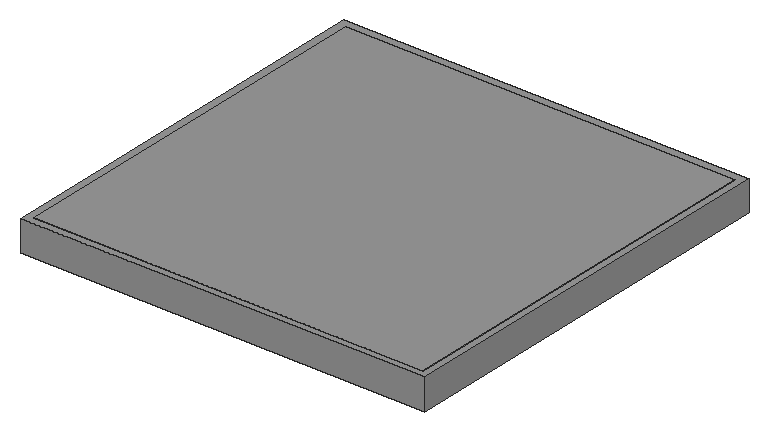
Revit family "ДВО-09 30 Вт Грильято DALI", category Осветительные приборы, Revit 2019 (continued)
Types (6, lengths in mm): name | Эффективность светильника | Файл фотометрической сетки | Тип рассеивателя | Световой поток модуля | built-in parameter 1150142 | Wattage | built-in parameter 1114217 | built-in parameter 1150134 | Lumens | built-in parameter 1150105 | Категория по ограничению яркости | built-in parameter 1150107 | built-in parameter 1150106 | Габаритная яркость | Артикул | URL
    7 259.7 255.1 251 246.4 242.5 237.7 233.7 229.2 225.1 220.4 216.4 211.8 207.8 203.1 199 194.6 190.6 185.9 181.9 177.4 173.4 168.7 164.7 160.2 156.3 151.6 147.8 143.3 139.5 134.9 131.1 126.7 123 118.6 114.9 110.8 107.2 103.1 99.8 96 92.8 89.1 86.2 82.9 80.1 76.9 74.4 71.6 69.1 66.4 64.2 61.8 59.7 57.5 55.6 53.6 51.8 49.9 48.3 46.6 45.1 43.5 42.1 40.6 39.3 38 36.9 35.6 34.5 33.3 32.3 31.1 30.1 28.8 27.8 26.5 25.3 24 22.8 21.4 20.1 18.7 17.4 15.9 14.6 13.1 11.7 10.3 8.9 7.5 6.4 5.2 4.4\r\n433.4 433.4 433.5 433.5 433.4 433.3 433.2 433.3 433.1 433 432.8 432.6 432.3 432.1 431.8 431.4 431.2 430.6 430.4 429.7 429.3 428.7 428.2 427.4 427 426.3 425.6 424.9 424.1 423.4 422.5 421.6 420.8 419.8 418.9 417.7 416.7 415.4 414.3 412.9 411.8 410.3 408.9 407.4 405.9 404.4 402.8 401 399.3 397.6 395.9 393.9 392.3 390.2 388.4 386.1 384.2 381.9 379.8 377.4 375.3 372.6 370.1 367.4 364.7 361.7 358.7 355.4 352.3 348.6 345.2 341.2 337.6 333.2 329.2 324.4 320.3 315.3 310.7 305.6 301 295.8 291 285.7 281.1 276 271.3 266.2 261.9 256.9 252.5 247.7 243.5 238.5 234.4 229.7 225.5 220.6 216.4 211.8 207.6 202.9 198.8 194.4 190.4 185.8 181.9 177.5 173.8 169.4 165.6 161.5 157.9 153.7 150.3 146.3 142.9 138.9 135.6 131.9 128.7 125 121.9 118.4 115.4 111.9 108.9 105.7 102.8 99.5 96.7 93.7 91 87.9 85.4 82.5 79.9 77 74.7 72 69.6 67.1 64.7 62.2 59.9 57.4 55.3 52.9 50.8 48.5 46.5 44.3 42.5 40.5 38.9 37.1 35.5 34 32.6 31.2 29.8 28.4 27.3 25.9 24.7 23.3 22.2 20.9 19.7 18.4 17.2 16 14.8 13.5 12.3 11.1 10 8.8 7.7 6.6 5.6\r\n433.6 433.6 433.6 433.6 433.6 433.6 433.4 433.4 433.2 433 432.8 432.5 432.2 431.8 431.5 431.1 430.8 430.2 429.9 429.3 428.9 428.1 427.5 426.7 426.1 425.3 424.6 423.7 422.9 422.1 421.3 420.4 419.4 418.4 417.4 416.1 415 413.7 412.5 411.1 409.8 408.4 407 405.3 403.8 402.1 400.5 398.5 396.8 394.9 393 390.8 388.8 386.5 384.3 381.8 379.6 377 374.6 371.7 369.1 366 363 359.6 356.3 352.6 349 344.7 340.9 336.3 332 327.1 322.7 317.6 312.8 307.5 303 297.8 293 287.9 283.4 278.4 274 269.1 264.9 260.3 256 251.3 247.3 242.8 238.6 234.2 230.2 225.5 221.6 217.1 213 208.3 204.4 199.8 195.8 191.2 187.3 183 179.1 174.7 170.9 166.7 163.1 158.9 155.3 151.4 147.9 143.9 140.6 136.8 133.5 129.6 126.3 122.6 119.3 115.5 112.3 108.7 105.6 101.9 98.9 95.5 92.6 89.3 86.5 83.6 80.9 77.9 75.5 72.8 70.4 67.7 65.6 63.2 61.1 58.9 56.9 54.7 52.8 50.7 48.9 46.7 44.9 43 41.3 39.5 38 36.5 35.2 33.8 32.6 31.3 30.3 29.1 28 26.7 25.7 24.4 23.2 21.9 20.7 19.3 18 16.6 15.4 14 12.7 11.3 10.1 8.8 7.7 6.5 5.7 4.9 4.2\r\n433.7 433.7 433.8 433.8 433.8 433.8 433.7 433.5 433.3 433 432.8 432.5 432.1 431.6 431.3 430.8 430.4 429.9 429.5 428.9 428.4 427.6 426.9 426 425.3 424.4 423.6 422.5 421.7 420.8 420 419.1 418.1 417 415.9 414.6 413.4 412 410.8 409.2 407.9 406.4 405 403.3 401.7 399.9 398.2 396.1 394.3 392.1 390.1 387.7 385.4 382.8 380.3 377.5 375 372.1 369.3 366 362.9 359.3 355.8 351.8 348 343.5 339.2 334.1 329.4 324 318.8 312.9 307.8 301.9 296.5 290.7 285.7 280.2 275.2 270.1 265.8 261.1 257 252.5 248.7 244.5 240.7 236.4 232.8 228.7 224.8 220.6 216.9 212.5 208.8 204.5 200.6 196.1 192.3 187.9 184.1 179.6 175.8 171.6 167.9 163.6 159.9 155.9 152.3 148.3 144.9 141.2 137.9 134.1 130.9 127.3 124 120.2 117 113.3 110 106.1 102.8 99.1 95.8 91.9 88.8 85.3 82.5 79.1 76.4 73.4 70.9 67.9 65.6 63 60.9 58.4 56.5 54.4 52.6 50.7 49 47.3 45.7 43.9 42.4 40.6 39.1 37.5 36.1 34.8 33.5 32.5 31.5 30.4 29.6 28.7 28 27 26.1 25 24.1 22.8 21.7 20.4 19.2 17.7 16.4 14.8 13.5 12 10.6 9.1 7.9 6.4 5.4 4.3 3.7 3.2 2.8\r\n433.6 433.6 433.6 433.6 433.7 433.6 433.6 433.4 433.3 433.1 432.8 432.5 432.2 431.8 431.5 431 430.6 430.1 429.7 429.2 428.6 427.9 427.2 426.4 425.8 424.9 424.1 423.2 422.3 421.5 420.7 419.7 418.8 417.7 416.7 415.4 414.3 413 411.8 410.3 409 407.5 406.1 404.4 402.9 401.1 399.5 397.5 395.8 393.8 391.8 389.6 387.5 385.1 382.8 380.3 377.9 375.2 372.4 369.3 366.4 363 359.6 355.7 352.2 347.9 343.8 339 334.7 329.8 325 319.7 315.2 309.9 305.1 300 295.6 290.7 286.3 281.6 277.7 273.2 269.3 265.1 261.4 257.3 253.5 249.3 245.8 241.7 237.8 233.7 230 225.5 221.7 217.4 213.5 208.9 205.1 200.6 196.7 192 188.2 183.8 180 175.5 171.8 167.5 163.9 159.6 156 151.9 148.2 143.9 140.3 136.1 132.3 127.8 124 119.6 115.7 111.2 107.3 103.1 99.3 95 91.5 87.5 84.2 80.4 77.3 73.9 71.1 67.8 65.2 62.3 59.9 57.2 55 52.7 50.7 48.6 46.9 45 43.4 41.7 40.4 38.9 37.5 36.3 35.2 34.2 33.2 32.3 31.6 30.8 30.1 29.4 28.8 27.9 27.2 26.3 25.4 24.4 23.5 22.4 21.3 20.1 18.9 17.4 16.1 14.5 12.9 11.2 9.8 8.2 7 5.6 4.7 3.8 3.1\r\n433.4 433.5 433.5 433.5 433.6 433.5 433.4 433.3 433.2 433.1 432.8 432.6 432.3 432 431.6 431.3 430.9 430.4 429.9 429.5 428.8 428.3 427.6 426.9 426.3 425.4 424.7 423.9 423 422.2 421.3 420.3 419.5 418.4 417.5 416.2 415.2 413.9 412.8 411.4 410.1 408.6 407.2 405.5 404.1 402.4 400.8 399 397.2 395.4 393.6 391.5 389.7 387.4 385.4 383 380.8 378.2 375.6 372.7 369.9 366.6 363.5 359.6 356.3 352.2 348.3 344 340 335.5 331.3 326.5 322.5 317.8 313.7 309.4 305.6 301.3 297.4 293.2 289.5 285.4 281.7 277.7 274.1 270.1 266.4 262.3 258.8 254.7 250.9 246.7 243 238.5 234.7 230.3 226.5 221.8 217.8 213.3 209.3 204.5 200.6 196.1 192.2 187.5 183.7 179.2 175.4 170.9 167.1 162.6 158.6 153.8 149.7 144.9 140.6 135.3 130.9 125.8 121.5 116.3 111.9 107 102.9 98 94.1 89.7 85.9 81.7 78.2 74.4 71.2 67.6 64.7 61.6 58.9 56 53.6 51 48.9 46.5 44.7 42.8 41.1 39.5 38.4 37.1 36 35.1 34.3 33.6 32.9 32.2 31.8 31.1 30.6 30 29.5 28.8 28.2 27.5 26.7 26 25.2 24.3 23.5 22.6 21.4 20 18.6 16.9 15.2 13.4 11.8 10 8.6 6.9 5.6 4.3 3.3\r\n433.4 433.6 433.6 433.6 433.6 433.6 433.5 433.5 433.4 433.2 432.9 432.7 432.4 432 431.7 431.2 430.8 430.3 429.8 429.3 428.7 428.2 427.7 427 426.4 425.6 424.9 424.1 423.2 422.4 421.6 420.5 419.7 418.6 417.8 416.6 415.5 414.3 413.2 411.8 410.6 409.1 407.7 406.1 404.7 403 401.4 399.5 397.8 395.9 394 391.9 390 387.7 385.6 383.1 380.7 378.1 375.3 372.3 369.4 366 362.6 358.7 355.3 351 347.1 342.7 338.7 334.1 330 325.3 321.4 316.8 312.7 308.4 304.7 300.5 296.6 292.5 288.9 284.8 281 277.1 273.5 269.5 265.8 261.7 258.2 254 250.2 245.9 242.2 237.7 233.9 229.5 225.6 221 217.1 212.6 208.6 203.9 199.9 195.5 191.5 186.7 182.8 178.2 174.2 169.4 165.4 160.8 156.6 151.7 147.5 142.6 138.3 133.1 128.8 123.7 119.4 114.2 109.9 105.1 101 96.2 92.3 88 84.4 80.2 76.9 73.3 70.2 66.8 64.1 61.1 58.6 55.9 53.7 51.3 49.3 47.3 45.6 43.8 42.4 40.9 39.8 38.7 37.7 36.8 36 35.2 34.6 33.8 33.3 32.6 32 31.3 30.7 29.9 29.2 28.4 27.5 26.6 25.6 24.5 23.5 22.3 21 19.5 18.1 16.4 14.7 13 11.4 9.7 8.2 6.6 5.3 4.1 3.3\r\n433.4 433.6 433.7 433.8 433.7 433.8 433.6 433.6 433.5 433.2 433 432.7 432.5 432 431.8 431.1 430.7 430.2 429.7 429.2 428.7 428.2 427.7 427.1 426.5 425.8 425.1 424.3 423.5 422.5 421.8 420.7 419.9 418.8 418 416.9 415.9 414.7 413.6 412.2 411 409.6 408.2 406.7 405.2 403.6 402 400 398.4 396.4 394.5 392.3 390.4 387.9 385.7 383.2 380.7 377.9 375.1 371.9 368.8 365.3 361.8 357.8 354.2 349.9 345.9 341.4 337.4 332.8 328.7 324.1 320.2 315.8 311.8 307.5 303.8 299.7 295.8 291.8 288.2 284.1 280.4 276.5 272.9 268.8 265.1 261.1 257.5 253.3 249.5 245.2 241.4 236.9 233.1 228.7 224.8 220.1 216.3 211.8 207.9 203.3 199.3 194.8 190.8 186 181.9 177.2 173.1 168 163.8 158.9 154.7 149.6 145.3 140.3 136 130.9 126.6 121.6 117.3 112.2 107.9 103.1 99.1 94.3 90.6 86.4 82.8 78.8 75.7 72.1 69.2 66 63.4 60.6 58.3 55.8 53.8 51.6 49.8 48 46.5 44.9 43.6 42.3 41.3 40.2 39.3 38.4 37.7 36.9 36.2 35.4 34.8 34.1 33.4 32.6 31.9 31.1 30.3 29.2 28.3 27.2 26 24.7 23.4 22 20.5 19 17.5 15.8 14.3 12.6 11.1 9.4 7.8 6.2 5 3.9 3.2\r\n433.4 433.5 433.6 433.6 433.6 433.6 433.4 433.4 433.3 433.1 432.9 432.7 432.4 432 431.8 431.3 431 430.4 430 429.5 429 428.4 428 427.3 426.7 426 425.3 424.6 423.8 423 422.2 421.2 420.4 419.3 418.4 417.3 416.3 415 413.9 412.5 411.4 410 408.6 407 405.6 404 402.4 400.5 398.9 397 395.2 393.1 391.3 389 387.1 384.6 382.5 379.9 377.5 374.6 372 368.9 366 362.6 359.4 355.8 352.3 348.4 344.9 340.7 336.9 332.7 328.9 324.5 320.5 315.9 312.1 307.5 303.3 298.7 294.6 290 285.7 281.1 277 272.4 268.2 263.7 259.7 255.1 251 246.4 242.5 237.7 233.7 229.2 225.1 220.4 216.4 211.8 207.8 203.1 199 194.6 190.6 185.9 181.9 177.4 173.4 168.7 164.7 160.2 156.3 151.6 147.8 143.3 139.5 134.9 131.1 126.7 123 118.6 114.9 110.8 107.2 103.1 99.8 96 92.8 89.1 86.2 82.9 80.1 76.9 74.4 71.6 69.1 66.4 64.2 61.8 59.7 57.5 55.6 53.6 51.8 49.9 48.3 46.6 45.1 43.5 42.1 40.6 39.3 38 36.9 35.6 34.5 33.3 32.3 31.1 30.1 28.8 27.8 26.5 25.3 24 22.8 21.4 20.1 18.7 17.4 15.9 14.6 13.1 11.7 10.3 8.9 7.5 6.4 5.2 4.4\r\n433.4 433.4 433.5 433.5 433.4 433.3 433.2 433.3 433.1 433 432.8 432.6 432.3 432.1 431.8 431.4 431.2 430.6 430.4 429.7 429.3 428.7 428.2 427.4 427 426.3 425.6 424.9 424.1 423.4 422.5 421.6 420.8 419.8 418.9 417.7 416.7 415.4 414.3 412.9 411.8 410.3 408.9 407.4 405.9 404.4 402.8 401 399.3 397.6 395.9 393.9 392.3 390.2 388.4 386.1 384.2 381.9 379.8 377.4 375.3 372.6 370.1 367.4 364.7 361.7 358.7 355.4 352.3 348.6 345.2 341.2 337.6 333.2 329.2 324.4 320.3 315.3 310.7 305.6 301 295.8 291 285.7 281.1 276 271.3 266.2 261.9 256.9 252.5 247.7 243.5 238.5 234.4 229.7 225.5 220.6 216.4 211.8 207.6 202.9 198.8 194.4 190.4 185.8 181.9 177.5 173.8 169.4 165.6 161.5 157.9 153.7 150.3 146.3 142.9 138.9 135.6 131.9 128.7 125 121.9 118.4 115.4 111.9 108.9 105.7 102.8 99.5 96.7 93.7 91 87.9 85.4 82.5 79.9 77 74.7 72 69.6 67.1 64.7 62.2 59.9 57.4 55.3 52.9 50.8 48.5 46.5 44.3 42.5 40.5 38.9 37.1 35.5 34 32.6 31.2 29.8 28.4 27.3 25.9 24.7 23.3 22.2 20.9 19.7 18.4 17.2 16 14.8 13.5 12.3 11.1 10 8.8 7.7 6.6 5.6\r\n433.6 433.6 433.6 433.6 433.6 433.6 433.4 433.4 433.2 433 432.8 432.5 432.2 431.8 431.5 431.1 430.8 430.2 429.9 429.3 428.9 428.1 427.5 426.7 426.1 425.3 424.6 423.7 422.9 422.1 421.3 420.4 419.4 418.4 417.4 416.1 415 413.7 412.5 411.1 409.8 408.4 407 405.3 403.8 402.1 400.5 398.5 396.8 394.9 393 390.8 388.8 386.5 384.3 381.8 379.6 377 374.6 371.7 369.1 366 363 359.6 356.3 352.6 349 344.7 340.9 336.3 332 327.1 322.7 317.6 312.8 307.5 303 297.8 293 287.9 283.4 278.4 274 269.1 264.9 260.3 256 251.3 247.3 242.8 238.6 234.2 230.2 225.5 221.6 217.1 213 208.3 204.4 199.8 195.8 191.2 187.3 183 179.1 174.7 170.9 166.7 163.1 158.9 155.3 151.4 147.9 143.9 140.6 136.8 133.5 129.6 126.3 122.6 119.3 115.5 112.3 108.7 105.6 101.9 98.9 95.5 92.6 89.3 86.5 83.6 80.9 77.9 75.5 72.8 70.4 67.7 65.6 63.2 61.1 58.9 56.9 54.7 52.8 50.7 48.9 46.7 44.9 43 41.3 39.5 38 36.5 35.2 33.8 32.6 31.3 30.3 29.1 28 26.7 25.7 24.4 23.2 21.9 20.7 19.3 18 16.6 15.4 14 12.7 11.3 10.1 8.8 7.7 6.5 5.7 4.9 4.2\r\n433.7 433.7 433.8 433.8 433.8 433.8 433.7 433.5 433.3 433 432.8 432.5 432.1 431.6 431.3 430.8 430.4 429.9 429.5 428.9 428.4 427.6 426.9 426 425.3 424.4 423.6 422.5 421.7 420.8 420 419.1 418.1 417 415.9 414.6 413.4 412 410.8 409.2 407.9 406.4 405 403.3 401.7 399.9 398.2 396.1 394.3 392.1 390.1 387.7 385.4 382.8 380.3 377.5 375 372.1 369.3 366 362.9 359.3 355.8 351.8 348 343.5 339.2 334.1 329.4 324 318.8 312.9 307.8 301.9 296.5 290.7 285.7 280.2 275.2 270.1 265.8 261.1 257 252.5 248.7 244.5 240.7 236.4 232.8 228.7 224.8 220.6 216.9 212.5 208.8 204.5 200.6 196.1 192.3 187.9 184.1 179.6 175.8 171.6 167.9 163.6 159.9 155.9 152.3 148.3 144.9 141.2 137.9 134.1 130.9 127.3 124 120.2 117 113.3 110 106.1 102.8 99.1 95.8 91.9 88.8 85.3 82.5 79.1 76.4 73.4 70.9 67.9 65.6 63 60.9 58.4 56.5 54.4 52.6 50.7 49 47.3 45.7 43.9 42.4 40.6 39.1 37.5 36.1 34.8 33.5 32.5 31.5 30.4 29.6 28.7 28 27 26.1 25 24.1 22.8 21.7 20.4 19.2 17.7 16.4 14.8 13.5 12 10.6 9.1 7.9 6.4 5.4 4.3 3.7 3.2 2.8\r\n433.6 433.6 433.6 433.6 433.7 433.6 433.6 433.4 433.3 433.1 432.8 432.5 432.2 431.8 431.5 431 430.6 430.1 429.7 429.2 428.6 427.9 427.2 426.4 425.8 424.9 424.1 423.2 422.3 421.5 420.7 419.7 418.8 417.7 416.7 415.4 414.3 413 411.8 410.3 409 407.5 406.1 404.4 402.9 401.1 399.5 397.5 395.8 393.8 391.8 389.6 387.5 385.1 382.8 380.3 377.9 375.2 372.4 369.3 366.4 363 359.6 355.7 352.2 347.9 343.8 339 334.7 329.8 325 319.7 315.1 309.9 305.1 300 295.6 290.7 286.3 281.6 277.7 273.2 269.3 265.1 261.4 257.3 253.5 249.3 245.8 241.7 237.8 233.7 230 225.5 221.7 217.4 213.5 208.9 205.1 200.6 196.7 192 188.2 183.8 180 175.5 171.8 167.5 163.9 159.6 156 151.9 148.2 143.9 140.3 136.1 132.3 127.8 124 119.6 115.7 111.2 107.3 103.1 99.3 95 91.5 87.5 84.2 80.4 77.3 73.9 71.1 67.8 65.2 62.3 59.9 57.2 55 52.7 50.7 48.6 46.9 45 43.4 41.7 40.4 38.9 37.5 36.3 35.2 34.2 33.2 32.3 31.6 30.8 30.1 29.4 28.8 27.9 27.2 26.3 25.4 24.4 23.5 22.4 21.3 20.1 18.9 17.4 16.1 14.5 12.9 11.2 9.8 8.2 7 5.6 4.7 3.8 3.1\r\n433.4 433.5 433.5 433.5 433.6 433.5 433.4 433.3 433.2 433.1 432.8 432.6 432.3 432 431.6 431.3 430.9 430.4 429.9 429.5 428.8 428.3 427.6 426.9 426.3 425.4 424.7 423.9 423 422.2 421.3 420.3 419.5 418.4 417.5 416.2 415.2 413.9 412.8 411.4 410.1 408.6 407.2 405.5 404.1 402.4 400.8 399 397.2 395.4 393.6 391.5 389.6 387.4 385.4 383 380.8 378.2 375.6 372.7 369.9 366.6 363.5 359.6 356.3 352.2 348.3 344 340 335.5 331.3 326.5 322.5 317.8 313.7 309.4 305.6 301.3 297.4 293.1 289.5 285.4 281.7 277.7 274.1 270.1 266.4 262.3 258.8 254.7 250.9 246.7 243 238.5 234.7 230.3 226.5 221.8 217.8 213.3 209.3 204.5 200.6 196.1 192.2 187.5 183.7 179.2 175.4 170.9 167.1 162.6 158.6 153.8 149.7 144.9 140.5 135.3 130.9 125.8 121.5 116.3 111.9 107 102.9 98 94.1 89.7 85.9 81.7 78.2 74.4 71.2 67.6 64.7 61.6 58.9 56 53.6 51 48.9 46.5 44.7 42.8 41.1 39.5 38.4 37.1 36 35.1 34.3 33.6 32.9 32.2 31.8 31.1 30.6 30 29.5 28.8 28.2 27.5 26.7 26 25.2 24.3 23.5 22.6 21.4 20 18.6 16.9 15.2 13.4 11.8 10 8.5 6.9 5.6 4.3 3.3\r\n433.4 433.6 433.6 433.6 433.6 433.6 433.5 433.5 433.4 433.2 432.9 432.7 432.4 432 431.7 431.2 430.8 430.3 429.8 429.3 428.7 428.2 427.7 427 426.4 425.6 424.9 424.1 423.2 422.4 421.6 420.5 419.7 418.6 417.8 416.6 415.5 414.3 413.2 411.8 410.5 409.1 407.7 406.1 404.7 403 401.4 399.5 397.8 395.9 394 391.9 390 387.7 385.6 383.1 380.7 378.1 375.3 372.3 369.4 366 362.6 358.7 355.3 351 347.1 342.7 338.7 334.1 330 325.3 321.3 316.8 312.7 308.4 304.7 300.5 296.6 292.5 288.9 284.8 281 277.1 273.5 269.5 265.8 261.7 258.2 254 250.2 245.9 242.2 237.7 233.9 229.5 225.6 221 217.1 212.6 208.6 203.9 199.9 195.5 191.5 186.7 182.8 178.2 174.2 169.4 165.4 160.8 156.6 151.7 147.5 142.6 138.3 133.1 128.8 123.7 119.4 114.2 109.9 105.1 101 96.2 92.3 88 84.4 80.2 76.9 73.3 70.2 66.8 64.1 61.1 58.6 55.9 53.7 51.3 49.3 47.3 45.6 43.8 42.4 40.9 39.8 38.7 37.7 36.8 36 35.2 34.6 33.8 33.3 32.6 32 31.3 30.7 29.9 29.2 28.4 27.5 26.6 25.6 24.5 23.5 22.3 21 19.5 18.1 16.4 14.7 13 11.4 9.7 8.2 6.6 5.3 4.1 3.3\r\n433.4 433.6 433.7 433.8 433.7 433.8 433.6 433.6 433.5 433.2 433 432.7 432.5 432 431.8 431.1 430.7 430.2 429.7 429.2 428.7 428.2 427.7 427.1 426.5 425.8 425.1 424.3 423.5 422.5 421.8 420.7 419.9 418.8 418 416.9 415.9 414.7 413.6 412.2 411 409.6 408.2 406.7 405.2 403.6 402 400 398.4 396.4 394.5 392.3 390.4 387.9 385.7 383.2 380.7 377.9 375.1 371.9 368.8 365.3 361.8 357.8 354.2 349.9 345.9 341.4 337.4 332.8 328.7 324.1 320.2 315.8 311.8 307.5 303.8 299.7 295.8 291.8 288.2 284.1 280.4 276.5 272.9 268.8 265.1 261.1 257.5 253.3 249.5 245.2 241.4 236.9 233.1 228.7 224.8 220.1 216.3 211.8 207.9 203.3 199.3 194.8 190.8 186 181.9 177.2 173.1 168 163.8 158.9 154.7 149.6 145.3 140.3 136 130.9 126.6 121.6 117.3 112.2 107.9 103.1 99.1 94.3 90.6 86.4 82.8 78.8 75.7 72.1 69.2 66 63.4 60.6 58.3 55.8 53.8 51.6 49.8 48 46.5 44.9 43.6 42.3 41.3 40.2 39.3 38.4 37.7 36.9 36.2 35.4 34.8 34.1 33.4 32.6 31.9 31.1 30.3 29.2 28.3 27.2 26 24.7 23.4 22 20.5 19 17.5 15.8 14.3 12.6 11.1 9.4 7.8 6.2 5 3.9 3.2\r\n433.4 433.5 433.6 433.6 433.6 433.6 433.4 433.4 433.3 433.1 432.9 432.7 432.4 432 431.8 431.3 431 430.4 430 429.5 429 428.4 428 427.3 426.7 426 425.3 424.6 423.8 423 422.2 421.2 420.4 419.3 418.4 417.3 416.3 415 413.9 412.5 411.4 410 408.6 407 405.6 404 402.4 400.5 398.9 397 395.2 393.1 391.3 389 387.1 384.6 382.5 379.9 377.5 374.6 372 368.9 366 362.6 359.4 355.8 352.3 348.4 344.9 340.7 336.9 332.7 328.9 324.5 320.5 315.9 312.1 307.5 303.3 298.7 294.6 290 285.7 281.1 277 272.4 268.2 263.7 259.7 255.1 251 246.4 242.5 237.7 233.7 229.2 225.1 220.4 216.4 211.8 207.8 203.1 199 194.6 190.6 185.9 181.9 177.4 173.4 168.7 164.7 160.2 156.3 151.6 
